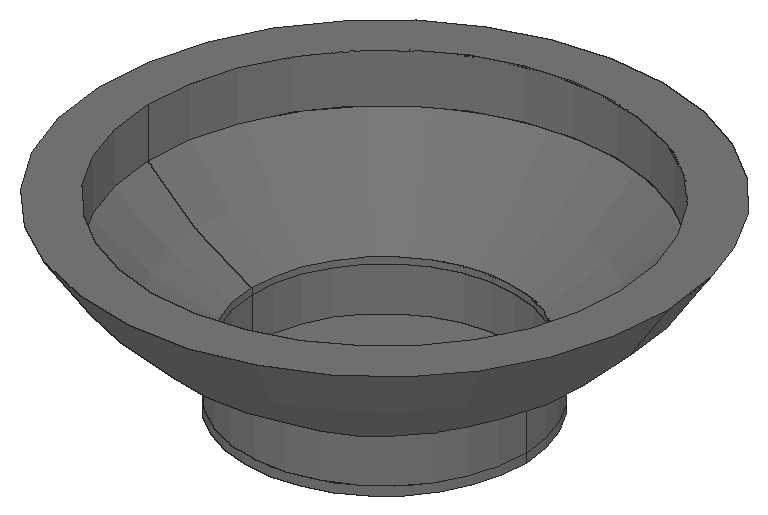
Revit family "Specialty_Equipment-Planter-Planters_Unlimited-Modern-Lunetta Low Bowl Planter-rev", category Specialty Equipment, Revit 2023
Family settings
  Round Connector Dimension = Use Diameter
  Part Type = Normal
  OmniClass Number = 23.40.05.21.17
  OmniClass Title = Planters
  Work Plane-Based = No
  Enable Cutting in Views = No
  Always vertical = Yes
  Cut with Voids When Loaded = No
  Maintain Annotation Orientation = No
  Shared = No
  Room Calculation Point = No
Parameters (values of type "24" Dia x 8"H")
  URL = "https://www.plantersunlimited.com"
  Type Comments = "Round Planter"  # constant formula
  Model = "Lunetta Fiberglass Low Bowl Planter"  # constant formula
  Manufacturer = "Planters Unlimited"  # constant formula
  Description = "Modular Planting Bed"  # constant formula
  Default Elevation = 0' - 0"
  CD_Width = 1' - 11.98819"
  CD_Specification = "https://www.plantersunlimited.com/content/Planters/F1-LUN-R.pdf"
  CD_Height = 0' - 8"
  CD_Diameter Min = CD_Width / 2  # 0' - 11.99409"
  CD_Product Page URL = "https://www.plantersunlimited.com/low-bowl-italian-planters/"
  CD_Product Name [instance] = "Lunetta Low Bowl Planter"  # constant formula
  CD_Offset = 0' - 0 1/2"
  CD_Microsite = "https://www.caddetails.com/3404"
  CD_Diameter = 0' - 0"
  CD_Finish = Plastic-Fiberglass-Carlsbad-Semi_Gloss-Charcoal
  CD_Created By = "CADdetails LTD. 2025"  # constant formula
  Base thickness = (CD_Height - CD_Offset) / 4  # 0' - 1 7/8"
  Assembly Code = "G2050600"
Types (6): name | CD_Width | CD_Height | CD_Diameter Min | Base thickness
  (no name) | 1' - 11.98819" | 0' - 8" | 0' - 11.99409" | 0' - 1 7/8"
  24" Dia x 8"H | 1' - 11.98819" | 0' - 8" | 0' - 11.99409" | 0' - 1 7/8"
  29" Dia x 10"H | 2' - 5" | 0' - 10" | 1' - 2 1/2" | 0' - 2 3/8"
  32" Dia x 11"H | 2' - 8" | 0' - 11" | 1' - 4" | 0' - 2 5/8"
  36" Dia x 11"H | 3' - 0" | 0' - 11" | 1' - 6" | 0' - 2 5/8"
  47" Dia x 11"H | 3' - 11" | 0' - 11" | 1' - 11 1/2" | 0' - 2 5/8"
Reference planes (in)
  plane 1 "Center (Front/Back)": y = 0
  plane 2: z = 0
  plane 3 "Center (Left/Right)": x = 0
  plane 4 "Left": x = 0
  plane 5 "Right": x = 0
  plane 6 "Front": y = 0
  plane 7 "Back": y = 0
  plane 8 "Top": z = 8
  plane 9 "Bottom of Bin": z = 0
  plane 10 "Bottom of Planter": z = 0
  plane 11 "Bottom of Bed": z = 0.5
  plane 12: x = -5.99705
  plane 13: x = 5.99705
  plane 14 "Center L/CC": z = 2.375
  plane 15: y = 5.99705
  plane 16: y = -5.99705
Forms (in)
  Extrusion 1, solid, material "Plastic-Fiberglass-Carlsbad-Semi_Gloss-Charcoal" <- "CD_Finish"
    sketch origin (0, 0, 8) x (-1, 0, 0) y (0, -1, 0)
      loop
        circle (0, 0) r 5.99705
    from -7.875 to -7.5
  Extrusion 2, solid, material "Plastic-Fiberglass-Carlsbad-Semi_Gloss-Charcoal" <- "CD_Finish"
    sketch origin (0, 0, 8) x (-1, 0, 0) y (0, -1, 0)
      loop
        circle (0, 0) r 5.99705
    from -7.875 to -7.5
  Sweep 3, solid, material "Plastic-Fiberglass-Carlsbad-Semi_Gloss-Charcoal" <- "CD_Finish"
    path origin (0, 0, 0.5) x (-1, 0, 0) y (0, -1, 0)
      loop
        circle (0, 0) r 11.99409
    profile origin (-11.99409, 0, 0.5) x (-1, 0, 0) y (0, 0, 1)
      loop
        line (0, 7.5) -> (-2.00787, 7.5) -> (-2.00787, 5.38892)
        arc (-2.00787, 5.38892) -> (-4.03236, 3.53764) -> (-6.39075, 2.1363) r 13.43179
        line (-6.39075, 2.1363) -> (-6.39075, 1.875) -> (-5.99705, 1.875)
        arc (-5.99705, 1.875) -> (-2.57105, 4.23175) -> (0, 7.5) r 13.83658
  Sweep 4, solid, material "Plastic-Fiberglass-Carlsbad-Semi_Gloss-Charcoal" <- "CD_Finish"
    path origin (0, 0, 0.5) x (-1, 0, 0) y (0, -1, 0)
      loop
        circle (0, 0) r 5.99705
    profile origin (-5.99705, 0, 0.5) x (-1, 0, 0) y (0, 0, 1)
      loop
        line (0, 1.875) -> (-0.3937, 1.875) -> (-0.3937, 0) -> (0, 0) -> (0, 1.875)
  Extrusion 5, solid, material "Plastic-Fiberglass-Carlsbad-Semi_Gloss-Charcoal" <- "CD_Finish"
    sketch origin (0, 0, 0) x (1, 0, 0) y (0, 1, 0)
      loop
        line (4.99705, -1.5) -> (4.99705, 1.5) -> (1.99705, 1.5) -> (1.99705, -1.5) -> (4.99705, -1.5)
      loop
        line (-4.99705, -1.5) -> (-1.99705, -1.5) -> (-1.99705, 1.5) -> (-4.99705, 1.5) -> (-4.99705, -1.5)
      loop
        line (1.5, 4.99705) -> (-1.5, 4.99705) -> (-1.5, 1.99705) -> (1.5, 1.99705) -> (1.5, 4.99705)
      loop
        line (1.5, -4.99705) -> (1.5, -1.99705) -> (-1.5, -1.99705) -> (-1.5, -4.99705) -> (1.5, -4.99705)
    from 0 to 0.125
Cuts and joins
  joined: Extrusion 1, Extrusion 2, Sweep 3, Sweep 4, Extrusion 5
Dimensions and locks (in)
  "CD_Diameter": plane 6 "Front" to plane 7 "Back"
  equal spacing: plane 6 "Front", plane 1 "Center (Front/Back)", plane 7 "Back"
  equal spacing: plane 5 "Right", plane 3 "Center (Left/Right)", plane 4 "Left"
  locked: plane 9 "Bottom of Bin" to level
  "CD_Height": plane 8 "Top" to plane 10 "Bottom of Planter"
  locked: plane 11 "Bottom of Bed" to plane 10 "Bottom of Planter" at 0.5
  plane 8 "Top" to level = 0' - 8"
  locked: Extrusion 1 to plane 10 "Bottom of Planter" at 0.125
  "CD_Diameter Min": plane 13 to plane 12
  equal spacing: plane 13, plane 3 "Center (Left/Right)", plane 12
  "Base thickness": plane 14 "Center L/CC" to plane 11 "Bottom of Bed"
  Extrusion 5 sketch curve to Extrusion 5 sketch curve to plane 13 = 0' - 3" locked, 0' - 1" locked
  Extrusion 5 sketch curve to plane 1 "Center (Front/Back)" to Extrusion 5 sketch curve = 0' - 1 1/2" locked, 0' - 1 1/2" locked  (x2)
  plane 12 to Extrusion 5 sketch curve to Extrusion 5 sketch curve = 0' - 1" locked, 0' - 3" locked
  equal spacing: plane 16, plane 1 "Center (Front/Back)", plane 15
  "CD_Diameter Min": plane 15 to plane 16
  plane 15 to Extrusion 5 sketch curve to Extrusion 5 sketch curve = 0' - 1" locked, 0' - 3" locked
  Extrusion 5 sketch curve to Extrusion 5 sketch curve to plane 16 = 0' - 3" locked, 0' - 1" locked
  Extrusion 5 sketch curve to plane 5 "Right" to Extrusion 5 sketch curve = 0' - 1 1/2" locked, 0' - 1 1/2" locked
  Extrusion 5 sketch curve to plane 3 "Center (Left/Right)" to Extrusion 5 sketch curve = 0' - 1 1/2" locked, 0' - 1 1/2" locked
  "CD_Offset": plane 11 "Bottom of Bed" to level
  "CD_Diameter Min": diameter of Extrusion 2 sketch curve
  "CD_Diameter Min": diameter of Extrusion 1 sketch curve
  "CD_Width": diameter of Sweep 3 sketch curve
  "CD_Diameter Min": diameter of Sweep 4 sketch curve
  aligned and locked: level to plane 2
  aligned and locked: Extrusion 1 to plane 11 "Bottom of Bed"
  aligned and locked: Extrusion 2 to plane 11 "Bottom of Bed"
  aligned and locked: plane 12 to Sweep 3 sketch curve
  aligned and locked: plane 14 "Center L/CC" to Sweep 3 sketch curve  (x2)
  aligned and locked: plane 8 "Top" to Sweep 3 sketch curve
  aligned and locked: profile plane to Sweep 4 sketch curve
  aligned and locked: plane 11 "Bottom of Bed" to Sweep 4 sketch curve
  aligned and locked: plane 14 "Center L/CC" to Sweep 4 sketch curve
  aligned and locked: Extrusion 2 to Extrusion 1
  aligned and locked: Extrusion 5 to Extrusion 1
Automatic sketch dimensions
  profile plane to Sweep 4 sketch curve = 0' - 0.3937"
  Sweep 3 sketch curve to profile plane = 0' - 0"
  Sweep 3 sketch curve to Sweep 3 sketch curve = 0' - 0.3937"
  Sweep 3 sketch curve to Sweep 3 sketch curve = 0' - 0.2613"
  Sweep 3 sketch curve to Sweep 3 sketch curve = 0' - 2.11108"
  Sweep 3 sketch curve to Sweep 3 sketch curve = 0' - 0"  (x2)
  profile plane to Sweep 3 sketch curve = 0' - 2.00787"
  plane 1 "Center (Front/Back)" to Extrusion 1 sketch curve = 0' - 0"
  Extrusion 1 sketch curve to plane 3 "Center (Left/Right)" = 0' - 0"
  plane 1 "Center (Front/Back)" to Extrusion 2 sketch curve = 0' - 0"
  Extrusion 2 sketch curve to plane 3 "Center (Left/Right)" = 0' - 0"
  plane 1 "Center (Front/Back)" to Sweep 3 sketch curve = 0' - 0"
  Sweep 3 sketch curve to plane 3 "Center (Left/Right)" = 0' - 0"
  plane 1 "Center (Front/Back)" to Sweep 4 sketch curve = 0' - 0"
  Sweep 4 sketch curve to plane 3 "Center (Left/Right)" = 0' - 0"
